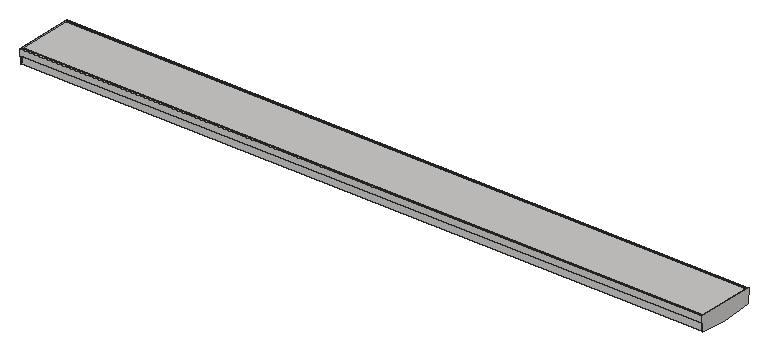
Revit family "PF_ST_BalconyDrain_ACO_2022", category Plumbing Fixtures, Revit 2022 (continued)
Definition of nested family "gratings_BalconyDrain"
  Definition of nested family "ZZZ_do not use_PF_ST_grating for BalconyDrain_ACO"
    Parameters (values of type "std (nested)")
      type_index [instance] = 3
      t1 [instance] = -15 mm  # constant formula
      solids_visible_2 [instance] = yes
      solids_visible_1 [instance] = yes
      region_index = 1  # constant formula
      product_index [instance] = size_lookup(lookup_table_name, "pi", 0, type_index, grating_index)  # 10
      product_assortment_C_ANZRS = "BalconyDrain"  # constant formula
      net_mass_S_ANZRS [instance] = 0.00 kg
      material_C_ANZRS [instance] = none
      lookup_table_name = "BalconyDrain"  # constant formula
      length_C_ANZRS [instance] = 1180 mm
      intended_use_C_ANZRS = if(region_index = 1, "Drainage systems", if(region_index = 2, "Entwässerungssysteme", if(region_index = 3, "Afvoersystemen", "0")))  # "Drainage systems"
      instructions_for_use = "www.acobuildline.com.au/product-support/downloads"
      installation_manual = "www.acobuildline.com.au/product-support/downloads"
      info_technical_C_ANZRS = "www.acobuildline.com.au/products/raintrak/"
      info_commercial_C_ANZRS = "www.acobuildline.com.au/product-support/downloads"
      grating_index [instance] = 4
      e-mail sales = "sales@acoaus.com.au"
      e-mail Technical = "sales@acoaus.com.au"
      description_C_ANZRS [instance] = if(region_index = 1, desc_uk, if(region_index = 2, desc_ge, if(region_index = 3, desc_nl, "0")))  # "Gratings for BalconyDrain"
      desc_uk [instance] = "Gratings for BalconyDrain"  # constant formula
      desc_nl = "-"  # constant formula
      desc_ge = "-"  # constant formula
      content_version_C_ANZRS = "1.0"  # constant formula
      content_creator_C_ANZRS = "ACO Technology Centre, INDIA"  # constant formula
      code_specification_URL_C_ANZRS = ""
      code_gtin_C_ANZRS [instance] = "-"  # constant formula
      code_article_C_ANZRS [instance] = "-"  # constant formula
      URL = "www.acobuildline.com.au"
      Telephone = " +61 2 4747 4000"  # constant formula
      Model = "BalconyDrain"  # constant formula
      Manufacturer = "ACO Pty Ltd"  # constant formula
      IfcExportType = "RECTANGULAR"  # constant formula
      IfcExportAs = "IfcGridType"  # constant formula
      IfcDescription = Description  # "Shallow drainage"
      Fax = " +61 2 4747 4040"  # constant formula
      Description = "Shallow drainage"  # constant formula
      Default Elevation = 0 mm
      Address = "134-140 Old Bathurst Road, Emu Plains, NSW 2750, Australia"  # constant formula
    Reference planes
      plane 1 "Center (Front/Back)": y = 0
      plane 2: z = 0
      plane 3 "Center (Left/Right)": x = 0
      plane 4: z = -10
    Forms (mm)
      Extrusion 1, solid, material <- "material_C_ANZRS", visible <- "solids_visible_1"
        sketch origin (0, 0, 0) x (1, 0, 0) y (0, 1, 0)
          loop
            line (0, 51.5) -> (0, -51.5) -> (1180, -51.5) -> (1180, 51.5) -> (0, 51.5)
        from 0 to -10
      Extrusion 2, solid, material <- "material_C_ANZRS", visible <- "solids_visible_1"
        sketch origin (0, 0, 0) x (1, 0, 0) y (0, 1, 0)
          loop
            line (0, 51.5) -> (0, 48.5) -> (5, 48.5) -> (5, 51.5) -> (0, 51.5)
          loop
            line (0, -51.5) -> (5, -51.5) -> (5, -48.5) -> (0, -48.5) -> (0, -51.5)
          loop
            line (1180, 51.5) -> (1175, 51.5) -> (1175, 48.5) -> (1180, 48.5) -> (1180, 51.5)
          loop
            line (1180, -51.5) -> (1180, -48.5) -> (1175, -48.5) -> (1175, -51.5) -> (1180, -51.5)
        from -19.7 to -10
      Extrusion 3, solid, material <- "material_C_ANZRS", visible <- "solids_visible_2"
        sketch origin (0, 0, 0) x (1, 0, 0) y (0, 1, 0)
          loop
            line (0, 29.5) -> (0, -29.5) -> (1180, -29.5) -> (1180, 29.5) -> (0, 29.5)
        from 0 to -15 <- "t1"
      Extrusion 4, solid, material <- "material_C_ANZRS", visible <- "solids_visible_2"
        sketch origin (0, 0, 0) x (0, 1, 0) y (0, 0, 1)
          loop
            line (34.5, -15) -> (16.5, -15) -> (16.5, -19.7) -> (34.5, -19.7) -> (34.5, -15)
          loop
            line (-34.5, -15) -> (-34.5, -19.7) -> (-16.5, -19.7) -> (-16.5, -15) -> (-34.5, -15)
        from 0 to 1180
      Extrusion 5, void
        sketch origin (0, 0, 0) x (0, 1, 0) y (0, 0, 1)
          loop
            line (34.5, -15) -> (-34.5, -15) -> (-34.5, -19.7) -> (34.5, -19.7) -> (34.5, -15)
        from 5.191 to 1174.598
    Cuts and joins
      Extrusion 5 cuts Extrusion 1
      Extrusion 5 cuts Extrusion 2
      joined: Extrusion 1, Extrusion 2
      Extrusion 5 cuts Extrusion 3
      Extrusion 5 cuts Extrusion 4
      joined: Extrusion 3, Extrusion 4
    Dimensions and locks
      equal spacing: Extrusion 1 sketch curve, plane 1 "Center (Front/Back)", Extrusion 1 sketch curve
      "width_01_C_ANZRS": Extrusion 1 sketch curve to Extrusion 1 sketch curve
      "length_C_ANZRS": Extrusion 1 sketch curve to Extrusion 1 sketch curve
      level to plane 4 = 10 mm
      locked: nested 1 to Extrusion 1 at 30
      locked: Extrusion 1 to Extrusion 2 sketch curve at 3  (x3)
      locked: Extrusion 1 to Extrusion 2 sketch curve at 5  (x2)
      locked: Extrusion 2 sketch curve to Extrusion 1 at 3
      locked: Extrusion 2 sketch curve to Extrusion 1 at 5  (x2)
      locked: plane 4 to Extrusion 2 at 9.7
      "width_02_C_ANZRS": Extrusion 3 sketch curve to Extrusion 3 sketch curve
      equal spacing: Extrusion 3 sketch curve, plane 1 "Center (Front/Back)", Extrusion 3 sketch curve
      locked: Extrusion 4 sketch curve to Extrusion 3 at 5
      locked: Extrusion 3 to Extrusion 4 sketch curve at 5
      locked: Extrusion 4 sketch curve to Extrusion 4 sketch curve at 18  (x2)
      equal spacing: Extrusion 4 sketch curve, plane 1 "Center (Front/Back)", Extrusion 4 sketch curve
      locked: plane 3 "Center (Left/Right)" to Extrusion 5 at 5.191
      locked: Extrusion 5 to cut or joined group of Extrusion 3, Extrusion 4, Extrusion 5 at 5.402
      locked: Extrusion 4 sketch curve to cut or joined group of Extrusion 3, Extrusion 4, Extrusion 5 at 4.7  (x2)
      aligned and locked: level to plane 2
      aligned and locked: plane 3 "Center (Left/Right)" to Extrusion 1 sketch curve
      aligned and locked: Extrusion 1 to plane 4
      aligned and locked: level to Extrusion 1
      aligned and locked: Extrusion 2 sketch curve to Extrusion 1  (x5)
      aligned and locked: Extrusion 2 sketch curve to plane 3 "Center (Left/Right)"
      aligned and locked: Extrusion 1 to Extrusion 2 sketch curve
      aligned and locked: Extrusion 2 to Extrusion 1
      aligned and locked: plane 3 "Center (Left/Right)" to Extrusion 3 sketch curve
      aligned and locked: Extrusion 3 sketch curve to cut or joined group of Extrusion 1, Extrusion 2, Extrusion 5
      aligned and locked: Extrusion 4 sketch curve to Extrusion 3
      aligned and locked: cut or joined group of Extrusion 1, Extrusion 2, Extrusion 5 to Extrusion 4
      aligned and locked: Extrusion 5 sketch curve to Extrusion 4  (x2)
      aligned and locked: Extrusion 4 to Extrusion 5 sketch curve
      aligned and locked: Extrusion 5 to cut or joined group of Extrusion 3, Extrusion 4, Extrusion 5
    Automatic sketch dimensions
      Extrusion 2 sketch curve to Extrusion 2 sketch curve = 3 mm
      Extrusion 5 sketch curve to Extrusion 5 sketch curve = 4.7 mm
      Extrusion 4 sketch curve to Extrusion 4 sketch curve = 4.7 mm
    Nested families
      nested 1: "Profiline_warning_cross_ACO" at (100, 119.081, 0), visible <- "warning", WARNING <- "warning", type "warning_cross"
        with dikte 20 mm, diameter 200 mm, WARNING no
    Definition of nested family "Profiline_warning_cross_ACO"
      Parameters (values of type "warning_cross")
        material = none
        dikte [instance] = diameter / 10  # 25.5 mm
        diameter [instance] = 255 mm
        WARNING [instance] = yes
        Type Comments = ""
        Model = "LOD400"  # constant formula
        Default Elevation = 0 mm
      Reference planes
        plane 1 "Center (Front/Back)": y = 0
        plane 2: z = 0
        plane 3 "Center (Left/Right)": x = 0
      Text (mm)
        text "®  Itannex" at (-0.074, 40.744, 0), in view "Ref. Level"
      Dimensions and locks
        "diameter": text3d elem to plane 1 "Center (Front/Back)"
        aligned and locked: level to plane 2
Definition of nested family "ZZZ_do not use_PF_ST_BalconyDrain 25mm_ACO"
  Parameters (values of type "std(nested)")
    width_C_ANZRS [instance] = 90 mm
    t [instance] = 0.7 mm  # constant formula
    region_index = 1  # constant formula
    product_assortment_C_ANZRS [instance] = "BalconyDrain"  # constant formula
    net_mass_S_ANZRS [instance] = 0.00 kg
    material_C_ANZRS [instance] = none
    length_C_ANZRS [instance] = 1100 mm
    intended_use_C_ANZRS = if(region_index = 1, "Drainage systems", if(region_index = 2, "Entwässerungssysteme", if(region_index = 3, "Afvoersystemen", "0")))  # "Drainage systems"
    instructions_for_use = "www.acobuildline.com.au/product-support/downloads"
    installation_manual = "www.acobuildline.com.au/product-support/downloads"
    info_technical_C_ANZRS = "www.acobuildline.com.au/products/balconydrain/"
    info_commercial_C_ANZRS = "www.acobuildline.com.au/product-support/downloads"
    e-mail sales = "sales@acoaus.com.au"
    e-mail Technical = "sales@acoaus.com.au"
    drain_position_9 [instance] = 1500 mm
    drain_position_8 [instance] = 1380 mm
    drain_position_7 [instance] = 1260 mm
    drain_position_6 [instance] = 1140 mm
    drain_position_5 [instance] = 1040 mm
    drain_position_4 [instance] = 820 mm
    drain_position_30 [instance] = 4020 mm
    drain_position_3 [instance] = 440 mm
    drain_position_29 [instance] = 3900 mm
    drain_position_28 [instance] = 3780 mm
    drain_position_27 [instance] = 3660 mm
    drain_position_26 [instance] = 3540 mm
    drain_position_25 [instance] = 3420 mm
    drain_position_24 [instance] = 3300 mm
    drain_position_23 [instance] = 3180 mm
    drain_position_22 [instance] = 3060 mm
    drain_position_21 [instance] = 2940 mm
    drain_position_20 [instance] = 2820 mm
    drain_position_2 [instance] = 200 mm
    drain_position_19 [instance] = 2700 mm
    drain_position_18 [instance] = 2580 mm
    drain_position_17 [instance] = 2460 mm
    drain_position_16 [instance] = 2340 mm
    drain_position_15 [instance] = 2220 mm
    drain_position_14 [instance] = 2100 mm
    drain_position_13 [instance] = 1980 mm
    drain_position_12 [instance] = 1860 mm
    drain_position_11 [instance] = 1740 mm
    drain_position_10 [instance] = 1620 mm
    diameter_C_ANZRS [instance] = 50 mm
    description_C_ANZRS [instance] = "-"  # constant formula
    desc_uk [instance] = "-"  # constant formula
    desc_nl [instance] = "-"  # constant formula
    desc_ge [instance] = "-"  # constant formula
    depth_01_C_ANZRS [instance] = 25 mm  # constant formula
    content_version_C_ANZRS = "1.0"  # constant formula
    content_date_changed_C_ANZRS = ""
    content_creator_C_ANZRS = "ACO Technology Centre, INDIA"  # constant formula
    code_specification_URL_C_ANZRS = "www.acobuildline.com.au/products/balconydrain/"
    code_gtin_C_ANZRS [instance] = "-"  # constant formula
    code_article_C_ANZRS [instance] = "-"  # constant formula
    drain_position_1 [instance] = 50 mm
    URL = "www.acobuildline.com.au"
    Telephone = " +61 2 4747 4000"  # constant formula
    Solid_Visible [instance] = yes
    Model = "BalconyDrain"  # constant formula
    Manufacturer = "ACO Pty Ltd"  # constant formula
    IfcExportType = "USERDEFINED"  # constant formula
    IfcExportAs = "IfcWasteTerminalType"  # constant formula
    IfcDescription = Description  # "Shallow drainage "
    Fax = " +61 2 4747 4040"  # constant formula
    Description = "Shallow drainage "  # constant formula
    Default Elevation = 0 mm
    Address = "134-140 Old Bathurst Road, Emu Plains, NSW 2750, Australia"  # constant formula
  Reference planes
    plane 1 "Center (Front/Back)": y = 0
    plane 2: z = 0
    plane 3 "Center (Left/Right)": x = 0
    plane 4: z = -25
    plane 5: y = 45
    plane 6: y = -45
    plane 7: z = -25
    plane 8: x = 1100
  Forms (mm)
    Extrusion 1, solid, material <- "material_C_ANZRS", visible <- "Solid_Visible"
      sketch origin (0, 0, 0) x (0, 1, 0) y (0, 0, 1)
        loop
          line (0.121, -23.806) -> (-42.5, -19.729) -> (-42.5, 0) -> (-45, 0) -> (-45, -9.06) -> (-43.7, -9.06) -> (-43.7, -20.813) -> (0, -25) -> (43.7, -20.813) -> (43.7, -9.06) -> (45, -9.06) -> (45, 0) -> (42.5, 0) -> (42.5, -19.729) -> (0, -23.795)
      from 0 to 1099.308
    Extrusion 2, void
      sketch origin (0, 0, 0) x (1, 0, 0) y (0, 1, 0)
        loop
          circle (50, 0.121) r 25
      from -25 to -19.729
    Extrusion 3, solid, material <- "material_C_ANZRS", visible <- "Solid_Visible"
      sketch origin (0, 0, 0) x (0, 1, 0) y (0, 0, 1)
        loop
          line (45, 0.026) -> (-42.499, 0.026) -> (-44.992, 0.026) -> (-44.992, -9.062) -> (-43.706, -9.062) -> (-43.706, -20.813) -> (0, -25) -> (43.7, -20.813) -> (43.7, -9.06) -> (45, -9.06) -> (45, 0.026)
      from 0 to 0.7 <- "t"
    Extrusion 4, solid, material <- "material_C_ANZRS", visible <- "Solid_Visible"
      sketch origin (1353.3, 0, 0) x (0, 1, 0) y (0, 0, -1)
        loop
          line (45, 0) -> (45, 9.06) -> (43.7, 9.06) -> (43.7, 20.813) -> (0, 25) -> (-43.706, 20.813) -> (-43.706, 9.062) -> (-45, 9.062) -> (-45, 0) -> (-42.499, 0) -> (45, 0)
      from 253.3 to 253.992
    Extrusion 5, void
      sketch origin (120, 0, 0) x (1, 0, 0) y (0, 1, 0)
        loop
          circle (80, 0.121) r 25
      from -25 to -19.729
    Extrusion 6, void
      sketch origin (240, 0, 0) x (1, 0, 0) y (0, 1, 0)
        loop
          circle (200, 0.121) r 25
      from -25 to -19.729
    Extrusion 7, void
      sketch origin (360, 0, 0) x (1, 0, 0) y (0, 1, 0)
        loop
          circle (460, 0.121) r 25
      from -25 to -19.729
    Extrusion 8, void
      sketch origin (500, 0, 0) x (1, 0, 0) y (0, 1, 0)
        loop
          circle (540, 0.121) r 25
      from -25 to -19.729
    Extrusion 9, void
      sketch origin (600, 0, 0) x (1, 0, 0) y (0, 1, 0)
        loop
          circle (540, 0.121) r 25
      from -25 to -19.729
    Extrusion 10, void
      sketch origin (720, 0, 0) x (1, 0, 0) y (0, 1, 0)
        loop
          circle (540, 0.121) r 25
      from -25 to -19.729
    Extrusion 11, void
      sketch origin (840, 0, 0) x (1, 0, 0) y (0, 1, 0)
        loop
          circle (540, 0.121) r 25
      from -25 to -19.729
    Extrusion 12, void
      sketch origin (960, 0, 0) x (1, 0, 0) y (0, 1, 0)
        loop
          circle (540, 0.121) r 25
      from -25 to -19.729
    Extrusion 13, void
      sketch origin (1080, 0, 0) x (1, 0, 0) y (0, 1, 0)
        loop
          circle (540, 0.121) r 25
      from -25 to -19.729
    Extrusion 14, void
      sketch origin (1200, 0, 0) x (1, 0, 0) y (0, 1, 0)
        loop
          circle (540, 0.121) r 25
      from -25 to -19.729
    Extrusion 15, void
      sketch origin (1320, 0, 0) x (1, 0, 0) y (0, 1, 0)
        loop
          circle (540, 0.121) r 25
      from -25 to -19.729
    Extrusion 16, void
      sketch origin (1440, 0, 0) x (1, 0, 0) y (0, 1, 0)
        loop
          circle (540, 0.121) r 25
      from -25 to -19.729
    Extrusion 17, void
      sketch origin (1560, 0, 0) x (1, 0, 0) y (0, 1, 0)
        loop
          circle (540, 0.121) r 25
      from -25 to -19.729
    Extrusion 18, void
      sketch origin (1680, 0, 0) x (1, 0, 0) y (0, 1, 0)
        loop
          circle (540, 0.121) r 25
      from -25 to -19.729
    Extrusion 19, void
      sketch origin (1800, 0, 0) x (1, 0, 0) y (0, 1, 0)
        loop
          circle (540, 0.121) r 25
      from -25 to -19.729
    Extrusion 20, void
      sketch origin (1920, 0, 0) x (1, 0, 0) y (0, 1, 0)
        loop
          circle (540, 0.121) r 25
      from -25 to -19.729
    Extrusion 21, void
      sketch origin (2040, 0, 0) x (1, 0, 0) y (0, 1, 0)
        loop
          circle (540, 0.121) r 25
      from -25 to -19.729
    Extrusion 22, void
      sketch origin (2160, 0, 0) x (1, 0, 0) y (0, 1, 0)
        loop
          circle (540, 0.121) r 25
      from -25 to -19.729
    Extrusion 23, void
      sketch origin (2280, 0, 0) x (1, 0, 0) y (0, 1, 0)
        loop
          circle (540, 0.121) r 25
      from -25 to -19.729
    Extrusion 24, void
      sketch origin (2400, 0, 0) x (1, 0, 0) y (0, 1, 0)
        loop
          circle (540, 0.121) r 25
      from -25 to -19.729
    Extrusion 25, void
      sketch origin (2520, 0, 0) x (1, 0, 0) y (0, 1, 0)
        loop
          circle (540, 0.121) r 25
      from -25 to -19.729
    Extrusion 26, void
      sketch origin (2640, 0, 0) x (1, 0, 0) y (0, 1, 0)
        loop
          circle (540, 0.121) r 25
      from -25 to -19.729
    Extrusion 27, void
      sketch origin (2760, 0, 0) x (1, 0, 0) y (0, 1, 0)
        loop
          circle (540, 0.121) r 25
      from -25 to -19.729
    Extrusion 28, void
      sketch origin (2880, 0, 0) x (1, 0, 0) y (0, 1, 0)
        loop
          circle (540, 0.121) r 25
      from -25 to -19.729
    Extrusion 29, void
      sketch origin (3000, 0, 0) x (1, 0, 0) y (0, 1, 0)
        loop
          circle (540, 0.121) r 25
      from -25 to -19.729
    Extrusion 30, void
      sketch origin (3120, 0, 0) x (1, 0, 0) y (0, 1, 0)
        loop
          circle (540, 0.121) r 25
      from -25 to -19.729
    Extrusion 31, void
      sketch origin (3240, 0, 0) x (1, 0, 0) y (0, 1, 0)
        loop
          circle (540, 0.121) r 25
      from -25 to -19.729
    Extrusion 32, void
      sketch origin (3360, 0, 0) x (1, 0, 0) y (0, 1, 0)
        loop
          circle (540, 0.121) r 25
      from -25 to -19.729
    Extrusion 33, void
      sketch origin (3480, 0, 0) x (1, 0, 0) y (0, 1, 0)
        loop
          circle (540, 0.121) r 25
      from -25 to -19.729
  Cuts and joins
    Extrusion 2, Extrusion 5, Extrusion 6, Extrusion 7, Extrusion 8, Extrusion 9, Extrusion 10, Extrusion 11, Extrusion 12, Extrusion 13, Extrusion 14, Extrusion 15, Extrusion 16, Extrusion 17, Extrusion 18, Extrusion 19, Extrusion 20, Extrusion 21, Extrusion 22, Extrusion 23, Extrusion 24, Extrusion 25, Extrusion 26, Extrusion 27, Extrusion 28, Extrusion 29, Extrusion 30, Extrusion 31, Extrusion 32, Extrusion 33 cuts Extrusion 1
    Extrusion 5, Extrusion 6, Extrusion 7 cuts Extrusion 3
    joined: Extrusion 1, Extrusion 3
  Dimensions and locks
    "width_C_ANZRS": plane 5 to plane 6
    locked: plane 5 to Extrusion 1 sketch curve at 2.5
    locked: Extrusion 1 sketch curve to plane 6 at 2.5
    locked: level to Extrusion 1 sketch curve at 9.06  (x2)
    locked: Extrusion 1 sketch curve to Extrusion 1 sketch curve at 1.2
    "depth_01_C_ANZRS": level to Extrusion 1
    equal spacing: plane 5, plane 1 "Center (Front/Back)", plane 6
    locked: Extrusion 4 to plane 8 at 0.692
    "length_C_ANZRS": plane 3 "Center (Left/Right)" to plane 8
    "drain_position_2": plane 3 "Center (Left/Right)" to Extrusion 5 sketch curve
    "drain_position_3": plane 3 "Center (Left/Right)" to Extrusion 6 sketch curve
    "drain_position_4": plane 3 "Center (Left/Right)" to Extrusion 7 sketch curve
    "drain_position_5": plane 3 "Center (Left/Right)" to Extrusion 8 sketch curve
    "drain_position_6": plane 3 "Center (Left/Right)" to Extrusion 9 sketch curve
    "drain_position_7": plane 3 "Center (Left/Right)" to Extrusion 10 sketch curve
    "drain_position_8": plane 3 "Center (Left/Right)" to Extrusion 11 sketch curve
    "drain_position_9": plane 3 "Center (Left/Right)" to Extrusion 12 sketch curve
    "drain_position_10": plane 3 "Center (Left/Right)" to Extrusion 13 sketch curve
    "drain_position_11": plane 3 "Center (Left/Right)" to Extrusion 14 sketch curve
    "drain_position_12": plane 3 "Center (Left/Right)" to Extrusion 15 sketch curve
    "drain_position_13": plane 3 "Center (Left/Right)" to Extrusion 16 sketch curve
    "drain_position_14": plane 3 "Center (Left/Right)" to Extrusion 17 sketch curve
    "drain_position_15": plane 3 "Center (Left/Right)" to Extrusion 18 sketch curve
    "drain_position_16": plane 3 "Center (Left/Right)" to Extrusion 19 sketch curve
    "drain_position_17": plane 3 "Center (Left/Right)" to Extrusion 20 sketch curve
    "drain_position_18": plane 3 "Center (Left/Right)" to Extrusion 21 sketch curve
    "drain_position_19": plane 3 "Center (Left/Right)" to Extrusion 22 sketch curve
    "drain_position_20": plane 3 "Center (Left/Right)" to Extrusion 23 sketch curve
    "drain_position_21": plane 3 "Center (Left/Right)" to Extrusion 24 sketch curve
    "drain_position_22": plane 3 "Center (Left/Right)" to Extrusion 25 sketch curve
    "drain_position_23": plane 3 "Center (Left/Right)" to Extrusion 26 sketch curve
    "drain_position_24": plane 3 "Center (Left/Right)" to Extrusion 27 sketch curve
    "drain_position_25": plane 3 "Center (Left/Right)" to Extrusion 28 sketch curve
    "drain_position_26": plane 3 "Center (Left/Right)" to Extrusion 29 sketch curve
    "drain_position_27": plane 3 "Center (Left/Right)" to Extrusion 30 sketch curve
    "drain_position_28": plane 3 "Center (Left/Right)" to Extrusion 31 sketch curve
    "drain_position_29": plane 3 "Center (Left/Right)" to Extrusion 32 sketch curve
    "drain_position_30": plane 3 "Center (Left/Right)" to Extrusion 33 sketch curve
    "drain_position_1": plane 3 "Center (Left/Right)" to Extrusion 2 sketch curve
    "diameter_C_ANZRS": diameter of Extrusion 2 sketch curve
    "diameter_C_ANZRS": diameter of Extrusion 5 sketch curve
    "diameter_C_ANZRS": diameter of Extrusion 6 sketch curve
    "diameter_C_ANZRS": diameter of Extrusion 7 sketch curve
    "diameter_C_ANZRS": diameter of Extrusion 8 sketch curve
    "diameter_C_ANZRS": diameter of Extrusion 9 sketch curve
    "diameter_C_ANZRS": diameter of Extrusion 10 sketch curve
    "diameter_C_ANZRS": diameter of Extrusion 11 sketch curve
    "diameter_C_ANZRS": diameter of Extrusion 12 sketch curve
    "diameter_C_ANZRS": diameter of Extrusion 13 sketch curve
    "diameter_C_ANZRS": diameter of Extrusion 14 sketch curve
    "diameter_C_ANZRS": diameter of Extrusion 15 sketch curve
    "diameter_C_ANZRS": diameter of Extrusion 16 sketch curve
    "diameter_C_ANZRS": diameter of Extrusion 17 sketch curve
    "diameter_C_ANZRS": diameter of Extrusion 18 sketch curve
    "diameter_C_ANZRS": diameter of Extrusion 19 sketch curve
    "diameter_C_ANZRS": diameter of Extrusion 20 sketch curve
    "diameter_C_ANZRS": diameter of Extrusion 21 sketch curve
    "diameter_C_ANZRS": diameter of Extrusion 22 sketch curve
    "diameter_C_ANZRS": diameter of Extrusion 23 sketch curve
    "diameter_C_ANZRS": diameter of Extrusion 24 sketch curve
    "diameter_C_ANZRS": diameter of Extrusion 25 sketch curve
    "diameter_C_ANZRS": diameter of Extrusion 26 sketch curve
    "diameter_C_ANZRS": diameter of Extrusion 27 sketch curve
    "diameter_C_ANZRS": diameter of Extrusion 28 sketch curve
    "diameter_C_ANZRS": diameter of Extrusion 29 sketch curve
    "diameter_C_ANZRS": diameter of Extrusion 30 sketch curve
    "diameter_C_ANZRS": diameter of Extrusion 31 sketch curve
    "diameter_C_ANZRS": diameter of Extrusion 32 sketch curve
    "diameter_C_ANZRS": diameter of Extrusion 33 sketch curve
    aligned and locked: level to plane 2
    aligned and locked: level to Extrusion 1 sketch curve
    aligned and locked: Extrusion 1 sketch curve to level
    aligned and locked: Extrusion 1 to plane 3 "Center (Left/Right)"
    aligned and locked: Extrusion 1 to plane 5
    aligned and locked: Extrusion 1 to plane 6  (x2)
    aligned and locked: Extrusion 1 to Extrusion 2
    aligned and locked: Extrusion 2 to Extrusion 1
    aligned and locked: level to cut or joined group of Extrusion 1, Extrusion 2, Extrusion 3, Extrusion 5, Extrusion 6, Extrusion 7, Extrusion 8, Extrusion 9, Extrusion 10, Extrusion 11, Extrusion 12, Extrusion 13, Extrusion 14, Extrusion 15, Extrusion 16, Extrusion 17, Extrusion 18, Extrusion 19, Extrusion 20, Extrusion 21, Extrusion 22, Extrusion 23, Extrusion 24, Extrusion 25, Extrusion 26, Extrusion 27, Extrusion 28, Extrusion 29, Extrusion 30, Extrusion 31, Extrusion 32, Extrusion 33  (x2)
    aligned and locked: plane 8 to Extrusion 4
    aligned and locked: level to Extrusion 4 sketch curve
    aligned and locked: Extrusion 4 sketch curve to plane 5
    aligned and locked: Extrusion 4 sketch curve to plane 6
    aligned and locked: Extrusion 1 to Extrusion 4
  Automatic sketch dimensions
    Extrusion 1 sketch curve to plane 6 = 0 mm
    Extrusion 1 sketch curve to plane 1 "Center (Front/Back)" = 0 mm  (x2)
    Extrusion 1 sketch curve to plane 5 = 0 mm
    Extrusion 1 sketch curve to plane 4 = 0 mm
    plane 6 to Extrusion 1 sketch curve = 1.3 mm
    plane 5 to Extrusion 1 sketch curve = 1.3 mm
    plane 7 to Extrusion 1 sketch curve = 4.187 mm  (x2)
    Extrusion 1 sketch curve to Extrusion 1 sketch curve = 1.084 mm  (x2)
    Extrusion 1 sketch curve to plane 1 "Center (Front/Back)" = 0.121 mm
    Extrusion 3 sketch curve to plane 5 = 0 mm
    plane 5 to Extrusion 3 sketch curve = 1.3 mm
    Extrusion 3 sketch curve to plane 7 = 0 mm
    Extrusion 3 sketch curve to plane 1 "Center (Front/Back)" = 0 mm
    level to Extrusion 3 sketch curve = 0.026 mm
    plane 6 to Extrusion 3 sketch curve = 2.501 mm
    plane 6 to Extrusion 3 sketch curve = 1.294 mm
    plane 6 to Extrusion 3 sketch curve = 0.008 mm
    plane 7 to Extrusion 3 sketch curve = 4.187 mm  (x2)
    Extrusion 3 sketch curve to level = 9.062 mm
    Extrusion 3 sketch curve to level = 9.06 mm
    plane 6 to Extrusion 4 sketch curve = 1.294 mm
    plane 6 to Extrusion 4 sketch curve = 2.501 mm
    Extrusion 4 sketch curve to plane 7 = 0 mm
    Extrusion 4 sketch curve to plane 1 "Center (Front/Back)" = 0 mm
    plane 5 to Extrusion 4 sketch curve = 1.3 mm
    Extrusion 4 sketch curve to Extrusion 4 sketch curve = 9.06 mm
    Extrusion 4 sketch curve to Extrusion 4 sketch curve = 9.062 mm
    plane 7 to Extrusion 4 sketch curve = 4.187 mm  (x2)
    Extrusion 2 sketch curve to plane 1 "Center (Front/Back)" = 0.121 mm
    Extrusion 5 sketch curve to plane 1 "Center (Front/Back)" = 0.121 mm
    Extrusion 6 sketch curve to plane 1 "Center (Front/Back)" = 0.121 mm
    Extrusion 7 sketch curve to plane 1 "Center (Front/Back)" = 0.121 mm
    Extrusion 8 sketch curve to plane 1 "Center (Front/Back)" = 0.121 mm
    Extrusion 9 sketch curve to plane 1 "Center (Front/Back)" = 0.121 mm
    Extrusion 10 sketch curve to plane 1 "Center (Front/Back)" = 0.121 mm
    Extrusion 11 sketch curve to plane 1 "Center (Front/Back)" = 0.121 mm
    Extrusion 12 sketch curve to plane 1 "Center (Front/Back)" = 0.121 mm
    Extrusion 13 sketch curve to plane 1 "Center (Front/Back)" = 0.121 mm
    Extrusion 14 sketch curve to plane 1 "Center (Front/Back)" = 0.121 mm
    Extrusion 15 sketch curve to plane 1 "Center (Front/Back)" = 0.121 mm
    Extrusion 16 sketch curve to plane 1 "Center (Front/Back)" = 0.121 mm
    Extrusion 17 sketch curve to plane 1 "Center (Front/Back)" = 0.121 mm
    Extrusion 18 sketch curve to plane 1 "Center (Front/Back)" = 0.121 mm
    Extrusion 19 sketch curve to plane 1 "Center (Front/Back)" = 0.121 mm
    Extrusion 20 sketch curve to plane 1 "Center (Front/Back)" = 0.121 mm
    Extrusion 21 sketch curve to plane 1 "Center (Front/Back)" = 0.121 mm
    Extrusion 22 sketch curve to plane 1 "Center (Front/Back)" = 0.121 mm
    Extrusion 23 sketch curve to plane 1 "Center (Front/Back)" = 0.121 mm
    Extrusion 24 sketch curve to plane 1 "Center (Front/Back)" = 0.121 mm
    Extrusion 25 sketch curve to plane 1 "Center (Front/Back)" = 0.121 mm
    Extrusion 26 sketch curve to plane 1 "Center (Front/Back)" = 0.121 mm
    Extrusion 27 sketch curve to plane 1 "Center (Front/Back)" = 0.121 mm
    Extrusion 28 sketch curve to plane 1 "Center (Front/Back)" = 0.121 mm
    Extrusion 29 sketch curve to plane 1 "Center (Front/Back)" = 0.121 mm
    Extrusion 30 sketch curve to plane 1 "Center (Front/Back)" = 0.121 mm
    Extrusion 31 sketch curve to plane 1 "Center (Front/Back)" = 0.121 mm
    Extrusion 32 sketch curve to plane 1 "Center (Front/Back)" = 0.121 mm
    Extrusion 33 sketch curve to plane 1 "Center (Front/Back)" = 0.121 mm
Types (3, lengths in mm): name | width_01_C_ANZRS | r1 | outlet_number | min_end_dist | width_C_ANZRS | type_index | drain_position_calculated_5 | drain_position_calculated_4 | drain_position_calculated_3 | description_C_ANZRS | product_index | outlet_dia | gratings | grate_width_tile | grate_width | grating_index | drain_position_calculated_1 | diameter_calculated | connector_position_Z | code_article_C_ANZRS | visible_2 | visible_1 | D2_calculated | D1_calculated | Assembly Code
  BalconyDrain - 103 x 40 mm | 103 | 25.4 | 3 | 949.2 | 103 | 3 | 1100 | 1100 | 400 | "ACO BalconyDrain-103mm wide, 40mm deep channel with Tile grate (nominal)" | 9 | 50 | gratings_BalconyDrain : Tile_grating | 87 | 97 | 3 | 50.8 | 50.8 | 40 | "S103-40-T" | yes | no | 50.8 | 50.8 | ""
  BalconyDrain - 85 x 25 mm | 85 | 25.4 | 2 | 949.2 | 85 | 1 | 1100 | 1100 | 1100 | "ACO BalconyDrain-85mm wide, 25mm deep channel with Linéaire grate (nominal)" | 2 | 50 | gratings_BalconyDrain : Linéaire_grating | 69 | 79 | 2 | 50.8 | 50.8 | 25 | "S85-25-L" | no | yes | 50.8 | 50.8 | ""
  BalconyDrain - 103 x 25 mm | 103 | 38.1 | 5 | 923.8 | 103 | 2 | 800 | 600 | 400 | "ACO BalconyDrain-103mm wide, 25mm deep channel with Linéaire grate (nominal)" | 5 | 76.2 | gratings_BalconyDrain : Linéaire_grating | 87 | 97 | 2 | 76.2 | 76.2 | 25 | "S103-25-L" | no | yes | 76.2 | 76.2 | "D2040300"
